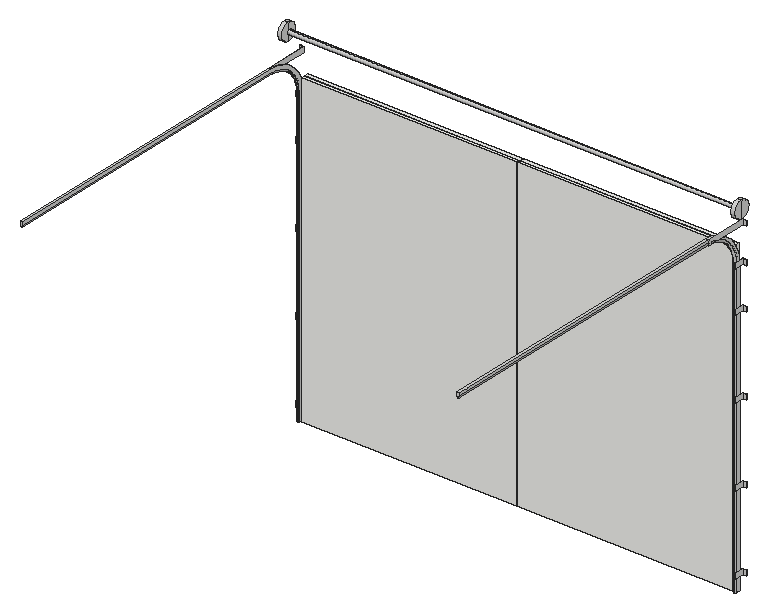
Revit family "Overhead-Sect_HAAS_Res_AmerTrad_Dbl", category Doors, host Wall, Revit 2026
Family settings
  Host = Wall
  Classification Number = 23.30.10.17.37.14
  Always vertical = Yes
  Cut with Voids When Loaded = No
  Shared = No
  Room Calculation Point = No
Parameters (values of type "as Specified")
  rearspring = no
  Warranty Duration (Years) = 0
  Unit Width [instance] = if(Wood Jamb, Opening Width, Opening Width + 0' 2")  # 14' - 0"
  Wood Jamb [instance] = yes
  URL = "http://www.haasdoor.com/about/index.html"
  U Value = 0
  Type Comments = ""
  Track_High Lift_CHECK WITH HAAS FOR VALUE [instance] = 0' - 7"
  Track [instance] = Steel
  Thickness = 0' - 0"  # constant formula
  Test Data = ""
  Steel Jamb [instance] = not(Wood Jamb)  # no
  Standards Conformance = "as Specified"
  Specification = ""
  SpecWizard = ""
  Send Message = ""
  Sales Information = "http://www.haasdoor.com/locator/index.php"
  Rough Width = 0' - 0"  # constant formula
  Rough Height = 0' - 0"  # constant formula
  Roof Incline Default = 0.00°
  Revision = "R1_2015-11"
  Recycled Content [instance] = "as Specified"
  R-Value = 13.45
  Product Properties = ""
  Product Data = "http://www.arcat.com/arcatcos/cos32/arc32915.html"
  Panel Width [instance] = 14' - 0"
  Panel Thickness = 0' - 3"
  Panel Material_Inset Panel [instance] = Wood - HAAS - White
  Panel Material_Exterior [instance] = Wood - HAAS - White
  Panel Height [instance] = if(1 = 1, Opening Height, 0' 0")  # 10' - 0"
  Overhead Sectional Style [instance] = HAAS_Panel_American_Tradition : 920 Double
  Operation = "Overhead Sectional"
  Opening Width [instance] = 14' - 0"
  Opening Height [instance] = 10' - 0"
  Track Type [instance] = Tracks_Standard-Lift : Tracks_Standard-Lift
  Model = "American Tradition Double Door"
  Max Width = 16' - 0"
  Max Height = 12' - 0"
  Manufacturer Website = "http://www.haasdoor.com/about/index.html"
  Manufacturer Phone - Toll Free = ""
  Manufacturer Phone = "419-337-9900"
  Manufacturer Fax = "800-874-4227"
  Manufacturer Address = "320 Sycamore Rd. Wauseon, OH 43567"
  Manufacturer = "Haas Door Co."
  Maintenance Schedule (Months) = 0
  Keynote = "08360"
  Interior Skin = "Woodgrain Steel"
  Installation-Fabrication = ""
  Installation Phase = ""
  Green Building-LEED = ""
  Viewport Glazing [instance] = Glass
  Function = Exterior
  Height = 0' - 0"  # constant formula
  Wall Closure = By host
  Width = 0' - 0"  # constant formula
  Fire Rating = ""
  Exterior Skin = "Woodgrain Steel"
  Expected Lifespan (Years) = 0
  End Stile Type = "Steel"
  Drawn By = "Sumex Design, Inc."
  Description = "Haas American Traditions Series Residential Insulated Overhead Sectional Door - American Tradition Double Door as Specified"
  Cost = 0
  Copyright = "©Arcat Inc."  # constant formula
  Construction Type = ""
  Construction Details = ""
  Building Codes = ""
  Assembly Code = "B2030410"
  AAMA Designation = "as Specified"
  3in Track [instance] = not([2in Track])  # no
  2in Track [instance] = yes
Reference planes (in)
  plane 1 "Center (Front/Back)": y = 0
  plane 2 "Center (Left/Right)": x = 0
  plane 3 "Left": x = -84
  plane 4 "Right": x = 84
  plane 5 "Top": z = 120
  plane 6 "Exterior": y = 3
  plane 7 "Interior": y = -3
  plane 8: z = 2
  plane 9 "Back of Panel": y = -6
  plane 10: y = -4.5
  plane 11 "Track": y = -4.625
Lines and regions (in)
  Opening 1
    outline origin (-90, -3, 0) x (1, 0, 0) y (0, 0, 1)
      loop
        line (6, 0) -> (174, 0) -> (174, 120) -> (6, 120) -> (6, 0)
Text (in)
  text "Exterior" at (-74.96733, 27.31104, 0), in view "Ref. Level"
  text "Interior" at (-74.96733, -25.14366, 0), in view "Ref. Level"
  text "Exterior" at (0, 40.15149, 123.01588), in view "Right"
  text "Interior" at (0, -64.39139, 123.01588), in view "Right"
  text "Interior" at (0, -31.01599, 123.00693), in view "Left"
  text "Exterior" at (0, 54.57065, 123.00693), in view "Left"
Dimensions and locks (in)
  equal spacing: plane 3 "Left", plane 2 "Center (Left/Right)", plane 4 "Right"
  "Opening Height": level to plane 5 "Top"
  "Opening Width": plane 3 "Left" to plane 4 "Right"
  plane 8 to level = 0' - 2"
  plane 3 "Left" to plane 4 "Right" = 14' - 0"
  "Panel Thickness": plane 9 "Back of Panel" to plane 7 "Interior"
  equal spacing: plane 9 "Back of Panel", plane 10, plane 7 "Interior"
  locked: plane 11 "Track" to plane 7 "Interior" at 1.625
  aligned and locked: plane 3 "Left" to Opening 1 sketch curve
  aligned and locked: plane 5 "Top" to Opening 1 sketch curve
  aligned and locked: Opening 1 sketch curve to plane 5 "Top"
  aligned and locked: Opening 1 sketch curve to plane 4 "Right"
  aligned and locked: Opening 1 sketch curve to level
  aligned and locked: plane 6 "Exterior" to host wall
  aligned and locked: host wall to plane 7 "Interior"
  aligned and locked: nested 1 to plane 2 "Center (Left/Right)"
  aligned and locked: level to nested 1
  aligned and locked: nested 1 to plane 11 "Track"
  aligned and locked: nested 2 to plane 2 "Center (Left/Right)"
  aligned and locked: plane 10 to nested 2
Nested families (in)
  nested 1: "Tracks_Standard-Lift" at (0, -5.625, 0), Unit Width <- "Unit Width", Opening Height <- "Opening Height", Track <- "Track", Wood Jamb <- "Wood Jamb", 2in Track <- "2in Track", type <- "Track Type", High Lift Height <- "Track_High Lift_CHECK WITH HAAS FOR VALUE", Door Height <- "Panel Height", Rear Mount Spring <- "rearspring", Roof Incline <- "Roof Incline Default", type "Tracks_Standard-Lift"
    with trackradinsetv 0' - 0", trackradinseth 0' - 0", sideroomint 0' - 1 5/8", roofpitchheight 0' - 0", offsettrackradv 1' - 2.73821", offsettrackradh 1' - 2.99772", offset 0' - 0", highliftcalc 0' - 8", breakoutrun 1, breakoutrise 12, breakawaylength 0' - 0", breakaway angle 1.00°, Wood Jamb yes, Unit Width 14' - 0", Unit Depth 0' - 2", Track Radius 1' - 3", Track Offset from Door Edge 0' - 0 1/2", Track Steel, Steel Jamb no, Standard Spring Location yes, Sideroom_Spring 0' - 3", Sideroom_Jambs 0' - 3", Roof Incline 0.00°, Rear Mount Spring no, Opening Width 14' - 0", Opening Height 10' - 0", High Lift Height 0' - 7", Headroom Clearance 1' - 7", Door Height 10' - 0", Breakaway Start 0' - 8", Back Depth 11' - 6", 3in Track no, 2in Track yes, 1 in 12 Breakout yes, 1 5 in 12 Breakout no
  nested 2: "HAAS_Panel_American_Tradition" at (0, -4.5, 0) x (-1, 0, 0) z (0, 0, 1), Panel Thickness <- "Panel Thickness", Panel Height <- "Panel Height", type <- "Overhead Sectional Style", Panel Width <- "Panel Width", Panel Material (Overlay) <- "Panel Material_Exterior", Panel Material <- "Panel Material_Inset Panel", Glazing <- "Viewport Glazing", type "920 Double"
    with Unit Width 7' - 0", Unit Height 2' - 0", Section Height 2' - 0", Panel Width 14' - 0", Panel Thickness 0' - 3", Panel Material (Overlay) Wood - HAAS - White, Panel Material (Interior) none, Panel Material Wood - HAAS - White, Panel Height 10' - 0", Glazing Glass
Definition of nested family "Tracks_Standard-Lift"
  Parameters
    trackradinsetv [instance] = Track Radius - (Track Radius * cos(Roof Incline))  # 0' - 0"
    trackradinseth [instance] = Track Radius * sin(Roof Incline)  # 0' - 0"
    sideroomint [instance] = if(Steel Jamb, 0' 3", 0' 1 5/8")  # 0' - 1 5/8"
    roofpitchheight [instance] = (Back Depth) * tan(Roof Incline)  # 0' - 0"
    offsettrackradv [instance] = Track Radius - (Track Radius * sin(breakaway angle))  # 1' - 2.73821"
    offsettrackradh [instance] = Track Radius * cos(breakaway angle)  # 1' - 2.99772"
    offset [instance] = 0' - 0"  # constant formula
    breakoutrun [instance] = if([1 in 12 Breakout], 1, 1.5)  # 1
    breakoutrise [instance] = 12  # constant formula
    breakawaylength [instance] = (Breakaway Start + High Lift Height - Track Radius) / tan(90.00° - breakaway angle)  # 0' - 0.26183"
    breakaway angle [instance] = 1.00°  # constant formula
    Wood Jamb [instance] = yes
    Unit Width [instance] = 8' - 0"
    Unit Depth [instance] = if([2in Track], 0' 2", if([3in Track], 0' 3", 0' 2"))  # 0' - 3"
    URL = ""
    Track Radius [instance] = 1' - 3"
    Track [instance] = none
    Steel Jamb [instance] = not(Wood Jamb)  # no
    Standard Spring Location [instance] = yes
    Specification = ""
    SpecWizard = ""
    Track Offset from Door Edge [instance] = 0' - 0 1/2"
    Sideroom_Spring [instance] = 0' - 3"  # constant formula
    Sideroom_Jambs [instance] = 0' - 3"  # constant formula
    Sales Information = ""
    Roof Incline [instance] = 0.00°
    Revision = ""
    Rear Mount Spring [instance] = yes
    Product Properties = ""
    Product Data = ""
    Opening Width [instance] = if(Wood Jamb, Unit Width, Unit Width - 0' 1")  # 8' - 0"
    Opening Height [instance] = 8' - 0"
    Model = "As Specified"
    Manufacturer = ""
    Keynote = ""
    Installation-Fabrication = ""
    highliftcalc [instance] = if(Headroom Clearance < 5' 4 3/256", Headroom Clearance - 0' 11", if(and(Headroom Clearance > 5' 4", Headroom Clearance < 11' 1 3/256"), Headroom Clearance - 1' 1", if(and(Headroom Clearance > 11' 1", Headroom Clearance < 15' 0 3/256"), Headroom Clearance - 1' 5", 1' 0")))  # 1' - 11"
    High Lift Height [instance] = 1' - 10"
    Headroom Clearance [instance] = High Lift Height + 1' 0"  # 2' - 10"
    Green Building-LEED = ""
    Drawn By = "Sumex Design, Inc. / Robert S. Weygant, CSI, CDT, SCIP"
    Door Height [instance] = 8' - 0"
    Description = ""
    Default Elevation = 0' - 0"  # constant formula
    Copyright = "©Arcat Inc."
    Construction Details = ""
    Breakaway Start [instance] = if([1 in 12 Breakout], 0' 8", if([1 5 in 12 Breakout], 1' 2", 1' 0"))  # 0' - 8"
    Back Depth [instance] = Door Height + 1' 6"  # 9' - 6"
    Assembly Code = ""
    3in Track [instance] = not([2in Track])  # yes
    2in Track [instance] = no
    1 in 12 Breakout [instance] = yes
    1 5 in 12 Breakout [instance] = not([1 in 12 Breakout])  # no
  Reference planes (in)
    plane 1 "Center (Front/Back)": y = 0
    plane 2 "Bottom": z = 0
    plane 3 "Center (Left/Right)": x = 0
    plane 4 "Front": y = -1.5
    plane 5 "Back": y = 1.5
    plane 6 "Left": x = -48
    plane 7 "Right": x = 48
    plane 8 "Top": z = 121
    plane 9: z = 96
    plane 10: x = -48
    plane 11: x = 48
    plane 12: z = 130
    plane 13: y = -110.875
    plane 14: y = -13.49772
    plane 15: z = 106.26179
    plane 16 "Origin": y = 3.125
    plane 17: z = 74
    plane 18: z = 51.33333
    plane 19: z = 28.66667
    plane 20: z = 6
    plane 21: z = 97.13089
    plane 22: x = 51
    plane 23: x = -51
    plane 24 "Drum CL": y = -1.875
    plane 25: z = 106
    plane 26: z = 118
    plane 27: y = -13.49772
    plane 28: z = 121
    plane 29: x = -49.625
    plane 30: x = 49.625
  Forms (in)
    Extrusion 1, solid, material <- "Track", visible <- "Wood Jamb"
      sketch origin (0, 0, 0) x (1, 0, 0) y (0, 1, 0)
        loop
          line (-49.5, -13.49772) -> (-49.5, 3.125) -> (-51, 3.125) -> (-51, 3) -> (-49.625, 3) -> (-49.625, -13.49772) -> (-49.5, -13.49772)
        loop
          line (49.5, -13.49772) -> (49.625, -13.49772) -> (49.625, 3) -> (51, 3) -> (51, 3.125) -> (49.5, 3.125) -> (49.5, -13.49772)
      from 0 to 121
    Extrusion 2, void
      sketch origin (0, 0, 0) x (0, 1, 0) y (0, 0, 1)
        loop
          line (-1.5, 5) -> (-1.5, 7) -> (3.125, 7) -> (3.125, 27.66667) -> (-1.5, 27.66667) -> (-1.5, 29.66667) -> (3.125, 29.66667) -> (3.125, 50.33333) -> (-1.5, 50.33333) -> (-1.5, 52.33333) -> (3.125, 52.33333) -> (3.125, 73) -> (-1.5, 73) -> (-1.5, 75) -> (3.125, 75) -> (3.125, 105.26179) -> (-1.5, 105.26179) -> (-1.5, 107.26179) -> (3.125, 107.26179) -> (3.125, 119) -> (-13.49772, 119) -> (-13.49772, 0) -> (3.125, 0) -> (3.125, 5) -> (-1.5, 5)
      from -51 to 51
    Extrusion 3, solid, material <- "Track", visible <- "Steel Jamb"
      sketch origin (0, 0, 0) x (1, 0, 0) y (0, 1, 0)
        loop
          line (-51, 3.125) -> (-51, -13.49772) -> (-50.875, -13.49772) -> (-50.875, 3) -> (-48.375, 3) -> (-48.375, 3.125) -> (-51, 3.125)
        loop
          line (51, 3.125) -> (48.375, 3.125) -> (48.375, 3) -> (50.875, 3) -> (50.875, -13.49772) -> (51, -13.49772) -> (51, 3.125)
      from 0 to 121
    Revolve 4, solid, material <- "Track"
      sketch origin (0, -1.875, 0) x (0, 0, -1) y (1, 0, 0)
        loop
          line (-130, -53) -> (-126.75, -53) -> (-126.75, 53) -> (-130, 53) -> (-130, 51.5) -> (-127.5, 51.5) -> (-127.5, -51.5) -> (-130, -51.5) -> (-130, -53)
        axis (-126.75, 53) -> (-126.75, -53)
      angle from 0 to 360
    Sweep 5, solid, material <- "Track"
      path origin (0, 0, 0) x (0, 1, 0) y (0, 0, 1)
        loop
          line (1.5, 0) -> (1.5, 106.26179)
          arc (1.5, 106.26179) -> (-2.98408, 116.69876) -> (-13.49772, 121) r 15
          line (-13.49772, 121) -> (-110.875, 121)
      profile origin (0, -62.18636, 121) x (0, 0, -1) y (1, 0, 0)
        loop
          line (2.62111, -48.5) -> (0, -48.5) -> (0, -49.5) -> (2.25, -49.5)
          arc (2.25, -49.5) -> (2.68414, -49.38263) -> (3, -49.0625) r 0.86161
          line (3, -49.0625) -> (3, -48.71875) -> (2.62111, -48.5)
    Sweep 6, solid, material <- "Track"
      path origin (0, 0, 0) x (0, 1, 0) y (0, 0, 1)
        loop
          line (1.5, 0) -> (1.5, 106.26179)
          arc (1.5, 106.26179) -> (-2.98408, 116.69876) -> (-13.49772, 121) r 15
          line (-13.49772, 121) -> (-110.875, 121)
      profile origin (0, -62.18636, 121) x (0, 0, -1) y (1, 0, 0)
        loop
          line (0, 49.5) -> (0, 48.5) -> (2.62111, 48.5) -> (3, 48.71875) -> (3, 49.0625)
          arc (3, 49.0625) -> (2.68414, 49.38263) -> (2.25, 49.5) r 0.86161
          line (2.25, 49.5) -> (0, 49.5)
  Cuts and joins
    Extrusion 2 cuts Extrusion 1
    Extrusion 2 cuts Extrusion 3
  Lines and regions (in)
    reference lines
      curve 1: arc (0, 0.25, 112.00003) -> (0, -5.28189, 118.54991) -> (0, -13.49772, 121) r 15
      curve 2: line (0, -13.49772, 121) -> (0, -110.875, 121)
  Text (in)
    text "OPENING" at (0, 24.81124, 52.10269), in view "Right"
    text "STANDARD LIFT" at (0, 24.81124, 118.55424), in view "Right"
  Dimensions and locks (in)
    equal spacing: plane 6 "Left", plane 3 "Center (Left/Right)", plane 7 "Right"
    "Unit Width": plane 6 "Left" to plane 7 "Right"
    equal spacing: plane 5 "Back", plane 1 "Center (Front/Back)", plane 4 "Front"
    "Unit Depth": plane 5 "Back" to plane 4 "Front"
    equal spacing: plane 10, plane 3 "Center (Left/Right)", plane 11
    "Opening Width": plane 10 to plane 11
    "Headroom Clearance": plane 12 to plane 9
    "Back Depth": plane 13 to plane 16 "Origin"
    "offsettrackradv": plane 8 "Top" to plane 15
    locked: plane 16 "Origin" to plane 5 "Back" at 1.625
    "Sideroom_Jambs": Extrusion 1 sketch curve to plane 10
    "Sideroom_Jambs": plane 11 to Extrusion 1 sketch curve
    locked: plane 20 to level at 6
    equal spacing: plane 17, plane 18, plane 19, plane 20
    Extrusion 2 sketch curve to plane 20 to Extrusion 2 sketch curve = 0' - 1" locked, 0' - 1" locked
    Extrusion 2 sketch curve to plane 19 to Extrusion 2 sketch curve = 0' - 1" locked, 0' - 1" locked
    Extrusion 2 sketch curve to plane 18 to Extrusion 2 sketch curve = 0' - 1" locked, 0' - 1" locked
    Extrusion 2 sketch curve to plane 17 to Extrusion 2 sketch curve = 0' - 1" locked, 0' - 1" locked
    Extrusion 2 sketch curve to plane 15 to Extrusion 2 sketch curve = 0' - 1" locked, 0' - 1" locked
    "Sideroom_Spring": plane 23 to plane 10
    "Sideroom_Spring": plane 11 to plane 22
    locked: Extrusion 3 sketch curve to plane 10 at 0.375
    locked: plane 11 to Extrusion 3 sketch curve at 0.375
    locked: plane 24 "Drum CL" to plane 16 "Origin" at 5
    locked: Revolve 4 sketch curve to plane 10 at 5
    locked: plane 11 to Revolve 4 sketch curve at 5
    locked: Revolve 4 sketch curve to Revolve 4 sketch curve at 1.5  (x2)
    locked: Revolve 4 sketch curve to Revolve 4 sketch curve at 0.75
    locked: Revolve 4 sketch curve to Revolve 4 sketch curve at 3.25  (x2)
    locked: Extrusion 1 sketch curve to Extrusion 1 sketch curve at 0.125
    "Opening Height": plane 9 to level
    "Track Radius": plane 8 "Top" to plane 25
    "High Lift Height": plane 26 to plane 9
    "Unit Depth": plane 8 "Top" to plane 26
    "offsettrackradh": plane 14 to plane 5 "Back"
    "trackradinseth": plane 14 to plane 27
    "trackradinsetv": plane 8 "Top" to plane 28
    "Unit Depth": Sweep 5 sketch curve to Sweep 5 sketch curve
    locked: plane 8 "Top" to Extrusion 2 sketch curve at 2
    "Unit Depth": Sweep 6 sketch curve to Sweep 6 sketch curve
    Extrusion 1 sketch curve to Extrusion 1 sketch curve to plane 10 = 0' - 0 1/8" locked, 0' - 1 1/2" locked
    equal spacing: Sweep 5 sketch curve, Sweep 5 sketch curve, Sweep 5 sketch curve, Sweep 5 sketch curve, plane 10
    equal spacing: plane 11, Sweep 6 sketch curve, Sweep 6 sketch curve, Sweep 6 sketch curve, Sweep 6 sketch curve
    "sideroomint": plane 29 to plane 10
    plane 29 to Sweep 5 sketch curve to Sweep 5 sketch curve to Sweep 5 sketch curve to Sweep 5 sketch curve = 0' - 0 1/8" locked, 0' - 0 7/16" locked, 0' - 0 11/32" locked, 0' - 0 7/32" locked
    "Sideroom_Jambs": Extrusion 3 sketch curve to plane 10
    locked: Extrusion 3 sketch curve to Extrusion 3 sketch curve at 0.125  (x2)
    "Sideroom_Jambs": plane 11 to Extrusion 3 sketch curve
    locked: plane 11 to Extrusion 1 sketch curve at 1.5
    "sideroomint": plane 11 to plane 30
    Sweep 6 sketch curve to Sweep 6 sketch curve to Sweep 6 sketch curve to Sweep 6 sketch curve to plane 30 = 0' - 0 7/32" locked, 0' - 0 11/32" locked, 0' - 0 7/16" locked, 0' - 0 1/8" locked
    locked: Revolve 4 sketch curve to plane 26 at 8.75
    locked: plane 9 to plane 17 at 22
    "Track Radius": radius of curve 1
    "Track Radius": radius of Sweep 6 sketch curve
    "Roof Incline": angle curve 2 to plane 28
    "Roof Incline": angle Sweep 5 sketch curve to plane 28
    "Roof Incline": angle Sweep 6 sketch curve to plane 28
    aligned and locked: plane 14 to Extrusion 1 sketch curve
    aligned and locked: Extrusion 1 sketch curve to plane 14
    aligned and locked: Extrusion 2 sketch curve to plane 14
    aligned and locked: Extrusion 2 sketch curve to plane 16 "Origin"
    aligned and locked: plane 4 "Front" to Extrusion 2 sketch curve  (x4)
    aligned and locked: Extrusion 2 sketch curve to plane 4 "Front"
    aligned and locked: plane 23 to Extrusion 2
    aligned and locked: Extrusion 2 to plane 22
    aligned and locked: Extrusion 3 sketch curve to plane 14
    aligned and locked: plane 14 to Extrusion 3 sketch curve
    aligned and locked: Revolve 4 sketch curve to Revolve 4 sketch curve
    aligned and locked: plane 27 to curve 1
    aligned and locked: plane 25 to curve 1
    aligned and locked: plane 14 to curve 1
    aligned and locked: plane 13 to curve 2
    aligned and locked: Sweep 5 sketch curve to curve 1
    aligned and locked: plane 13 to Sweep 5 sketch curve
    aligned and locked: plane 27 to Sweep 5 sketch curve
    aligned and locked: plane 8 "Top" to Extrusion 3
    aligned and locked: plane 8 "Top" to Extrusion 1
    aligned and locked: plane 13 to Sweep 6 sketch curve
    aligned and locked: plane 15 to Sweep 5 sketch curve
    aligned and locked: plane 27 to Sweep 6 sketch curve
    aligned and locked: plane 28 to Sweep 6 sketch curve
    aligned and locked: plane 15 to Sweep 6 sketch curve
    aligned and locked: plane 5 "Back" to Sweep 6 sketch curve
  Automatic sketch dimensions
    Extrusion 1 sketch curve to plane 16 "Origin" = 0' - 0"  (x2)
    Extrusion 1 sketch curve to plane 16 "Origin" = 0' - 0 1/8"  (x2)
    Extrusion 3 sketch curve to plane 16 "Origin" = 0' - 0"  (x2)
    Extrusion 3 sketch curve to plane 16 "Origin" = 0' - 0 1/8"  (x2)
    Revolve 4 sketch curve to Revolve 4 sketch curve = 0' - 0"
    Revolve 4 sketch curve to Revolve 4 sketch curve = 0' - 3"
    Sweep 5 sketch curve to level = 0' - 0"
    Sweep 5 sketch curve to profile plane = 0' - 0"
    Sweep 5 sketch curve to Sweep 5 sketch curve = 0' - 0.37111"
    Sweep 5 sketch curve to Sweep 5 sketch curve = 0' - 0.13839"
    Sweep 6 sketch curve to profile plane = 0' - 0"
    Sweep 6 sketch curve to Sweep 6 sketch curve = 0' - 0.37111"
    Sweep 6 sketch curve to Sweep 6 sketch curve = 0' - 0.13839"
    curve 1 to plane 1 "Center (Front/Back)" = 0' - 0 1/4"
    Sweep 6 sketch curve to level = 0' - 0"
    Extrusion 2 sketch curve to plane 16 "Origin" = 0' - 0"  (x5)
    Extrusion 2 sketch curve to level = 0' - 0"
Definition of nested family "HAAS_Panel_American_Tradition"
  Parameters
    Width = 10' - 0"
    Unit Width [instance] = if(1 = 1, Panel Width / 2, 0' 0")  # 5' - 0"
    Unit Height [instance] = 2' - 0"
    Top Row Solid = yes
    Top Row Lites = no
    Thickness = 0' - 3"
    Single = no
    Section Height [instance] = 2' - 0"
    Panel Width [instance] = 10' - 0"
    Panel Thickness [instance] = 0' - 3"
    Section Style = HAAS_Section_American_Tradition : 942
    Panel Material (Overlay) [instance] = none
    Panel Material (Interior) [instance] = none
    Panel Material [instance] = none
    Panel Height [instance] = 8' - 0"
    Height = 8' - 0"
    Glazing [instance] = none
    Double = yes
    Default Elevation = 4' - 0"
    Arched Top = no
  Reference planes (in)
    plane 1 "Center (Front/Back)": y = 0
    plane 2: z = 0
    plane 3 "Center (Left/Right)": x = 0
    plane 4 "Left": x = -60
    plane 5 "Right": x = 60
    plane 6 "Center (Elevation)": z = 48
    plane 7 "Top": z = 96
    plane 8 "Back": y = 1.5
    plane 9 "Front": y = -1.5
  Dimensions and locks (in)
    equal spacing: plane 4 "Left", plane 3 "Center (Left/Right)", plane 5 "Right"
    "Panel Width": plane 4 "Left" to plane 5 "Right"
    equal spacing: plane 7 "Top", plane 6 "Center (Elevation)", level
    "Panel Height": plane 7 "Top" to level
    equal spacing: plane 8 "Back", plane 1 "Center (Front/Back)", plane 9 "Front"
    "Panel Thickness": plane 8 "Back" to plane 9 "Front"
    aligned and locked: plane 2 to level
    aligned and locked: plane 4 "Left" to nested 1
    aligned and locked: plane 5 "Right" to nested 2
    aligned and locked: plane 1 "Center (Front/Back)" to nested 2
    aligned and locked: nested 1 to plane 1 "Center (Front/Back)"
  Nested families (in)
    nested 1: "HAAS_Section_American_Tradition" at (-30, 0, 0), Unit Width <- "Unit Width", Unit Height <- "Panel Height", Arched Top <- "Arched Top", Vision Lites <- "Top Row Lites", Not Vision <- "Top Row Solid", type <- "Section Style", type "942"
      with Vision Lites no, Vision Lite Width 1' - 9", Vision Lite Height 1' - 6", Unit Width 5' - 0", Unit Height 8' - 0", Not Vision yes, Arched Top no, 941 no
    nested 2: "HAAS_Section_American_Tradition" at (30, 0, 0), Arched Top <- "Arched Top", Unit Width <- "Unit Width", Unit Height <- "Panel Height", Vision Lites <- "Top Row Lites", Not Vision <- "Top Row Solid", type <- "Section Style", type "942"
      with Vision Lites no, Vision Lite Width 1' - 9", Vision Lite Height 1' - 6", Unit Width 5' - 0", Unit Height 8' - 0", Not Vision yes, Arched Top no, 941 no
  Definition of nested family "HAAS_Section_American_Tradition"
    Parameters
      Vision Lites [instance] = yes
      Vision Lite Width [instance] = (Unit Width / 2) - 0' 9"  # 4' - 3"
      Vision Lite Height [instance] = Top Panel Height - 0' 6"  # 1' - 6"
      Unit Width [instance] = 10' - 0"
      Unit Height [instance] = 8' - 0"
      Top Panel Height = 2' - 0"
      Panel Thickness = 0' - 3"
      Panel Material = none
      Overlay Material = none
      Not Vision [instance] = yes
      Glazing = none
      Default Elevation = 4' - 0"
      Arched Top [instance] = yes
      942 = yes
      941 = yes
      940 = no
      922 = no
      921 = no
    Reference planes (in)
      plane 1 "Center (Front/Back)": y = 0
      plane 2: z = 0
      plane 3 "Center (Left/Right)": x = 0
      plane 4 "Left": x = -60
      plane 5 "Right": x = 60
      plane 6: z = 37
      plane 7 "Top": z = 96
      plane 8 "Back": y = 1.5
      plane 9 "Front": y = -1.5
      plane 10: z = 72
      plane 11: z = 6
      plane 12: z = 90
      plane 13: x = 54
      plane 14: x = -54
      plane 15: z = 68
      plane 16: x = -28.5
      plane 17: x = 28.5
      plane 18: x = -37
      plane 19: x = -20
      plane 20: x = 20
      plane 21: x = 37
      plane 22: x = -3
      plane 23: x = 3
    Forms (in)
      Extrusion 1, solid, material <- "Panel Material", visible <- "Vision Lites"
        sketch origin (0, 0, 0) x (1, 0, 0) y (0, 0, 1)
          loop
            line (-60, 96) -> (-60, 0) -> (60, 0) -> (60, 96) -> (-60, 96)
          loop
            line (-54, 90) -> (-54, 72) -> (-3, 72) -> (-3, 90) -> (-54, 90)
          loop
            line (3, 90) -> (3, 72) -> (54, 72) -> (54, 90) -> (3, 90)
        from -1.5 to 0
      Extrusion 2, solid, material <- "Overlay Material"
        sketch origin (0, 0, 0) x (1, 0, 0) y (0, 0, 1)
          loop
            line (-54, 68) -> (-54, 6) -> (-3, 6) -> (-3, 68) -> (-54, 68)
          loop
            line (54, 6) -> (54, 68) -> (3, 68) -> (3, 6) -> (54, 6)
          loop
            line (-60, 96) -> (-60, 0) -> (60, 0) -> (60, 96) -> (-60, 96)
          loop
            line (-54, 90) -> (-54, 72) -> (-3, 72) -> (-3, 90) -> (-54, 90)
          loop
            line (54, 72) -> (54, 90) -> (3, 90) -> (3, 72) -> (54, 72)
        from 0 to 1.5
      Extrusion 3, solid, material <- "Overlay Material", visible <- "941"
        sketch origin (0, 0, 0) x (1, 0, 0) y (0, 0, 1)
          loop
            line (-53, 68) -> (-8, 6) -> (-4, 6) -> (-49, 68) -> (-53, 68)
          loop
            line (53, 68) -> (49, 68) -> (4, 6) -> (8, 6) -> (53, 68)
        from 0 to 1.34375
      Extrusion 4, solid, material <- "Overlay Material", visible <- "922"
        sketch origin (0, 0, 0) x (1, 0, 0) y (0, 0, 1)
          loop
            line (-39, 68) -> (-39, 6) -> (-35, 6) -> (-35, 68) -> (-39, 68)
          loop
            line (-22, 68) -> (-22, 6) -> (-18, 6) -> (-18, 68) -> (-22, 68)
          loop
            line (18, 68) -> (18, 6) -> (22, 6) -> (22, 68) -> (18, 68)
          loop
            line (35, 68) -> (35, 6) -> (39, 6) -> (39, 68) -> (35, 68)
        from 0 to 1.5
      Extrusion 5, solid, material <- "Overlay Material", visible <- "921"
        sketch origin (0, 0, 0) x (1, 0, 0) y (0, 0, 1)
          loop
            line (-30.5, 68) -> (-30.5, 6) -> (-26.5, 6) -> (-26.5, 68) -> (-30.5, 68)
          loop
            line (26.5, 68) -> (26.5, 6) -> (30.5, 6) -> (30.5, 68) -> (26.5, 68)
        from 0 to 1.5
      Extrusion 6, solid, material <- "Overlay Material", visible <- "942"
        sketch origin (0, 0, 0) x (1, 0, 0) y (0, 0, 1)
          loop
            line (-4, 68) -> (-8, 68) -> (-53, 6) -> (-49, 6) -> (-4, 68)
          loop
            line (4, 68) -> (49, 6) -> (53, 6) -> (8, 68) -> (4, 68)
        from 0 to 1.375
      Extrusion 7, solid, material <- "Glazing", visible <- "Vision Lites"
        sketch origin (0, 0, 0) x (1, 0, 0) y (0, 0, 1)
          loop
            line (-54, 90) -> (-54, 72) -> (-3, 72) -> (-3, 90) -> (-54, 90)
          loop
            line (3, 90) -> (3, 72) -> (54, 72) -> (54, 90) -> (3, 90)
        from -0.5 to 0.5
      Extrusion 8, solid, material <- "Overlay Material", visible <- "Arched Top"
        sketch origin (0, 0, 0) x (1, 0, 0) y (0, 0, 1)
          loop
            line (-54, 94) -> (-54, 83)
            arc (-54, 83) -> (-27.22591, 88.24271) -> (0, 90) r 211.78571
            arc (0, 90) -> (27.22591, 88.24271) -> (54, 83) r 211.78571
            line (54, 83) -> (54, 94) -> (-54, 94)
        from -0.625 to 0.625
      Extrusion 9, solid, material <- "Panel Material", visible <- "Not Vision"
        sketch origin (0, 0, 0) x (1, 0, 0) y (0, 0, 1)
          loop
            line (-60, 96) -> (-60, 0) -> (60, 0) -> (60, 96) -> (-60, 96)
        from -1.5 to 0
    Dimensions and locks (in)
      equal spacing: plane 15, plane 6, plane 11
      "Unit Height": plane 7 "Top" to level
      equal spacing: plane 8 "Back", plane 1 "Center (Front/Back)", plane 9 "Front"
      "Panel Thickness": plane 8 "Back" to plane 9 "Front"
      "Top Panel Height": plane 7 "Top" to plane 10
      locked: plane 14 to plane 4 "Left" at 6
      locked: plane 5 "Right" to plane 13 at 6
      locked: plane 11 to plane 2 at 6
      locked: plane 7 "Top" to plane 12 at 6
      locked: plane 10 to plane 15 at 4
      equal spacing: plane 22, plane 16, plane 14
      equal spacing: plane 13, plane 17, plane 23
      equal spacing: plane 22, plane 19, plane 18, plane 14
      equal spacing: plane 13, plane 21, plane 20, plane 23
      "Unit Width": plane 5 "Right" to plane 4 "Left"
      equal spacing: plane 5 "Right", plane 3 "Center (Left/Right)", plane 4 "Left"
      Extrusion 4 sketch curve to plane 18 to Extrusion 4 sketch curve = 0' - 2", 0' - 2"
      Extrusion 4 sketch curve to plane 19 to Extrusion 4 sketch curve = 0' - 2", 0' - 2"
      Extrusion 4 sketch curve to plane 20 to Extrusion 4 sketch curve = 0' - 2", 0' - 2"
      Extrusion 4 sketch curve to plane 21 to Extrusion 4 sketch curve = 0' - 2", 0' - 2"
      Extrusion 5 sketch curve to plane 16 to Extrusion 5 sketch curve = 0' - 2", 0' - 2"
      Extrusion 5 sketch curve to plane 17 to Extrusion 5 sketch curve = 0' - 2", 0' - 2"
      plane 23 to plane 3 "Center (Left/Right)" to plane 22 = 0' - 3" locked, 0' - 3" locked
      Extrusion 3 sketch curve to Extrusion 3 sketch curve to plane 14 = 0' - 4" locked, 0' - 1" locked
      plane 22 to Extrusion 3 sketch curve to Extrusion 3 sketch curve = 0' - 1" locked, 0' - 4" locked
      locked: Extrusion 3 sketch curve to Extrusion 3 sketch curve at 4  (x2)
      locked: Extrusion 3 sketch curve to plane 23 at 1
      locked: plane 13 to Extrusion 3 sketch curve at 1
      plane 22 to Extrusion 6 sketch curve to Extrusion 6 sketch curve = 0' - 1" locked, 0' - 4" locked
      Extrusion 6 sketch curve to Extrusion 6 sketch curve to plane 23 = 0' - 4" locked, 0' - 1" locked
      Extrusion 6 sketch curve to Extrusion 6 sketch curve to plane 14 = 0' - 4" locked, 0' - 1" locked
      plane 13 to Extrusion 6 sketch curve to Extrusion 6 sketch curve = 0' - 1" locked, 0' - 4" locked
      locked: plane 7 "Top" to Extrusion 8 sketch curve at 2
      locked: plane 12 to Extrusion 8 sketch curve at 7  (x2)
      aligned and locked: level to plane 2
      aligned and locked: plane 7 "Top" to Extrusion 1
      aligned and locked: plane 5 "Right" to Extrusion 1
      aligned and locked: Extrusion 1 to plane 2
      aligned and locked: Extrusion 1 to plane 4 "Left"
      aligned and locked: plane 8 "Back" to Extrusion 1
      aligned and locked: plane 1 "Center (Front/Back)" to Extrusion 1
      aligned and locked: plane 2 to Extrusion 2 sketch curve
      aligned and locked: Extrusion 2 sketch curve to plane 5 "Right"
      aligned and locked: Extrusion 2 sketch curve to plane 13  (x2)
      aligned and locked: plane 11 to Extrusion 2 sketch curve
      aligned and locked: plane 14 to Extrusion 2 sketch curve  (x2)
      aligned and locked: plane 4 "Left" to Extrusion 2 sketch curve
      aligned and locked: Extrusion 2 sketch curve to plane 15
      aligned and locked: plane 10 to Extrusion 2 sketch curve
      aligned and locked: Extrusion 2 sketch curve to plane 12
      aligned and locked: Extrusion 2 sketch curve to plane 7 "Top"
      aligned and locked: Extrusion 2 to plane 9 "Front"
      aligned and locked: Extrusion 4 sketch curve to plane 15  (x4)
      aligned and locked: plane 11 to Extrusion 4 sketch curve  (x4)
      aligned and locked: Extrusion 4 to plane 9 "Front"
      aligned and locked: Extrusion 5 sketch curve to plane 15  (x2)
      aligned and locked: plane 11 to Extrusion 5 sketch curve  (x2)
      aligned and locked: Extrusion 5 to plane 9 "Front"
      aligned and locked: plane 23 to Extrusion 2  (x2)
      aligned and locked: Extrusion 2 to plane 22  (x2)
      aligned and locked: Extrusion 1 sketch curve to Extrusion 2  (x8)
      aligned and locked: Extrusion 7 sketch curve to Extrusion 1  (x8)
      aligned and locked: Extrusion 8 sketch curve to plane 14
      aligned and locked: Extrusion 8 sketch curve to plane 13
      aligned and locked: plane 4 "Left" to Extrusion 9 sketch curve
      aligned and locked: Extrusion 9 sketch curve to plane 7 "Top"
      aligned and locked: Extrusion 9 sketch curve to plane 5 "Right"
      aligned and locked: level to Extrusion 9 sketch curve
      aligned and locked: plane 12 to Extrusion 8 sketch curve
    Automatic sketch dimensions
      Extrusion 1 sketch curve to level = 0' - 0"
      Extrusion 1 sketch curve to plane 4 "Left" = 0' - 0"
      Extrusion 1 sketch curve to plane 5 "Right" = 0' - 0"
      Extrusion 1 sketch curve to plane 7 "Top" = 0' - 0"
      Extrusion 2 sketch curve to plane 22 = 0' - 0"  (x2)
      Extrusion 2 sketch curve to plane 10 = 0' - 0"
      Extrusion 2 sketch curve to plane 23 = 0' - 0"  (x2)
      Extrusion 2 sketch curve to plane 15 = 0' - 0"
      Extrusion 2 sketch curve to plane 11 = 0' - 0"
      Extrusion 2 sketch curve to plane 12 = 0' - 0"
      Extrusion 3 sketch curve to plane 11 = 0' - 0"  (x2)
      Extrusion 3 sketch curve to plane 15 = 0' - 0"  (x2)
      Extrusion 6 sketch curve to plane 11 = 0' - 0"  (x2)
      Extrusion 6 sketch curve to plane 15 = 0' - 0"  (x2)
      Extrusion 8 sketch curve to Extrusion 8 sketch curve = 0' - 0"
